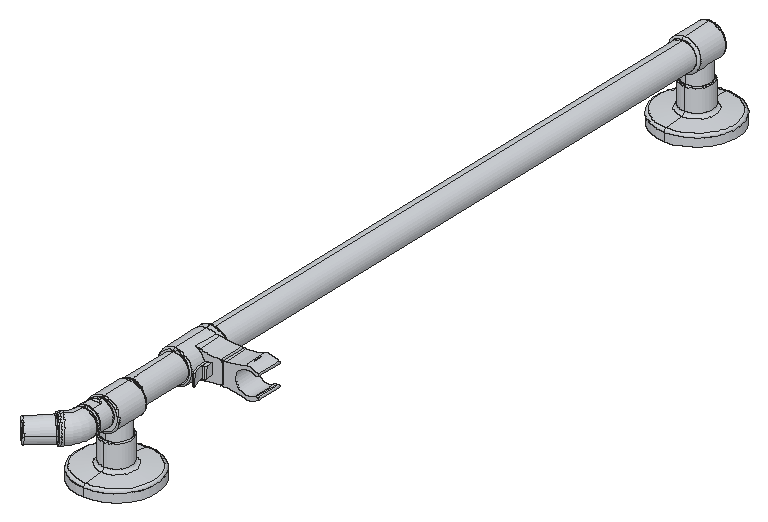
Revit family "Shower-Shower_Column-KOHLER-HydroRail-H-K-45903", category Plumbing Fixtures, host Face, Revit 2017
Family settings
  Host = Face
  Round Connector Dimension = Use Diameter
  Part Type = Normal
  OmniClass Number = 23.31.17.00
  Cut with Voids When Loaded = No
  Shared = No
  Room Calculation Point = No
Parameters (values of type "CP-Polished Chrome")
  Width = 3"  # constant formula
  WaterSense Certified = 1 = 0  # no
  Waste Water Outlet = "Waste Water Outlet"  # constant formula
  Waste Connection = 1 = 0  # no
  Vent Connection = 1 = 0  # no
  URL = "https://www.us.kohler.com/us/"
  Type = 1
  Tempered Water Inlet = "Tempered Water Inlet"  # constant formula
  Product Page URL = "http://www.us.kohler.com/us/catalog/productDetails.jsp?productId=45903"
  Product Name = "HydroRail-H"  # constant formula
  Product Documentation Link = "https://www.us.kohler.com/webassets/kpna/catalog/pdf/en/K-45903_spec_US-CA_Kohler_en.pdf"
  Pressure = 0.00 psi
  Model = if(Type = 1, "K-45903-CP", if(Type = 2, "K-45903-SN", if(Type = 3, "K-45903-BN", if(Type = 4, "K-45903-BV", if(Type = 5, "K-45903-2BZ", if(Type = 6, "K-45903-2MB", "NA"))))))  # "K-45903-CP"
  Material = "Premium Metal Construction"  # constant formula
  Master Format 2014 Name = "Residential Showers"  # constant formula
  Master Format 2014 = "22 42 23"  # constant formula
  Manufacturer Address = "444 Highland Dr, Kohler, WI 53044"  # constant formula
  Manufacturer = "KOHLER Co."  # constant formula
  Length = 3"  # constant formula
  Hot Water Inlet = "Hot Water Inlet"  # constant formula
  Height = 27"  # constant formula
  HW Connection = 1 = 1  # yes
  Flow Rate = 0 GPM
  Finish = Kohler-Metal-CP-Polished_Chrome
  Environmental Product Declaration = ""
  Drain Included = 1 = 0  # no
  Description = "Bath/shower column"  # constant formula
  Default Elevation = 72"
  Declare Label = ""
  Date Modified = "12/15/2020"  # constant formula
  Date Created = "12/15/2020"  # constant formula
  Copyright = "Copyright KOHLER Co."  # constant formula
  Contact Us = "https://www.us.kohler.com/us/static/contact.jsp"
  Cold Water Inlet = "Cold Water Inlet"  # constant formula
  CW Connection = 1 = 0  # no
  Assembly Code = "D2010700"
  ADA Compliant = 1 = 1  # yes
Types (7): name | Type | Model | Finish
  (no name) | 1 | "K-45903-CP" | Kohler-Metal-CP-Polished_Chrome
  CP-Polished Chrome | 1 | "K-45903-CP" | Kohler-Metal-CP-Polished_Chrome
  SN-Vibrant Polished Nickel | 2 | "K-45903-SN" | Kohler-Metal-SN-Vibrant_Polished_Nickel
  BN-Vibrant Brushed Nickel | 3 | "K-45903-BN" | Kohler-Metal-BN-Vibrant_Brushed_Nickel
  BV-Vibrant Brushed Bronze | 4 | "K-45903-BV" | Kohler-Metal-BV-Brushed_Bronze
  2BZ-Oil Rubbed Bronze | 5 | "K-45903-2BZ" | Kohler-Metal-2BZ-Oil_Rubbed_Bronze
  2MB-Vibrant Brushed Moderne Brass | 6 | "K-45903-2MB" | Kohler-Metal-2MB-Vibrant_Brushed_Moderne_Brass
Reference planes (in)
  plane 1 "Center (Front/Back)": y = 0
  plane 2: z = 0
  plane 3 "Center (Left/Right)": x = 0
  plane 4: x = -1.5
  plane 5: x = 1.5
  plane 6: y = 1.5
  plane 7: y = 0.65
  plane 8: y = -0.56982
  plane 9: y = 0.56982
  plane 10: y = -1.5
  plane 11: x = -0.64401
  plane 12: x = 0.56982
  plane 13: x = -0.56982
  plane 14: x = 2.66849
  plane 15: y = -27
  plane 16: y = -26.43018
  plane 17: y = -25.5
  plane 18: y = -28.5
  plane 19: y = -27.56982
  plane 20: y = -30.29472
  plane 21: x = -1.38844
  plane 22: z = 3
  plane 23: z = 2
  plane 24: z = 2.5
  plane 25: z = 0.47833
  plane 26: x = 2.25737
Dimensions and locks (in)
  "Width": plane 4 to plane 5
  "Height": plane 15 to plane 1 "Center (Front/Back)"
  locked: plane 11 to plane 14 at 3.3125
  locked: plane 18 to plane 17 at 3
  "Length": plane 22 to level
  aligned and locked: plane 2 to host face
  aligned and locked: level to host face
  aligned and locked: plane 3 "Center (Left/Right)" to nested 1
  aligned and locked: plane 1 "Center (Front/Back)" to nested 1
Automatic sketch dimensions
  host sketch curve to host sketch curve = 96"  (x2)
Nested families (in)
  nested 1: "K-45903" at (0, 0, 0), type "K-45903"
Connectors (in)
  piping at (0, 0, 0), diameter 0.5, driven by "Flow Rate", driven by "HW Connection", driven by "Tempered Water Inlet"
    settings: on nested 1, index 1, connector inside diameter 24", connector length 0", flow factor 0, pipe flow 0 GPM, pressure drop 0.00 psi, fitting loss kfactor 0, connector angle 0.00°, fixture units 0, engagement length 0", angle of deflection 0.00°, flow configuration 0, flow direction 1, fitting loss method 0, system type 19, joint type 0, gender type 0, connector reference index -1, connector utility 1, adjustable connector no, is connector primary yes, connector description "Tempered Water Inlet"
Definition of nested family "K-45903"
  Parameters (values of type "K-45903")
    Material = none
  Reference planes (in)
    plane 1 "Center (Front/Back)": y = 0
    plane 2: z = 0
    plane 3 "Center (Left/Right)": x = 0
    plane 4: x = -1.5
    plane 5: x = 1.5
    plane 6: y = 1.5
    plane 7: y = -1.5
    plane 8: y = -27
    plane 9: y = -25.5
    plane 10: y = -28.5
    plane 11: x = -0.64401
    plane 12: x = 2.66849
    plane 13: z = 3
    plane 14: y = 0.56982
    plane 15: y = -0.56982
    plane 16: y = -26.43018
    plane 17: y = -27.56982
    plane 18: x = 0.56982
    plane 19: x = -0.56982
    plane 20 "A": z = 2.5
    plane 21: z = 2
    plane 22: y = -30.29472
    plane 23: x = -1.38844
    plane 24: x = 2.25737
  Forms (in)
    Revolve 1, solid, material <- "Material", detail levels medium+fine
      sketch origin (0, 0, 0) x (0, 1, 0) y (0, 0, 1)
        loop
          line (-1.5, 0.30905) -> (-1.5, 0) -> (0, 0) -> (0, 2.25314) -> (-0.48796, 2.25314) -> (-0.48796, 1.465) -> (-0.5429, 1.465)
          arc (-0.5429, 1.465) -> (-0.56194, 1.45712) -> (-0.56982, 1.43808) r 0.02692
          line (-0.56982, 1.43808) -> (-0.56982, 0.60804)
          arc (-0.56982, 0.60804) -> (-0.60447, 0.51995) -> (-0.68983, 0.47905) r 0.12933
          arc (-0.68983, 0.47905) -> (-1.05101, 0.44852) -> (-1.41133, 0.40916) r 14.82415
          arc (-1.41133, 0.40916) -> (-1.47464, 0.37592) -> (-1.5, 0.30905) r 0.10085
        axis (0, 0) -> (0, 2.25314)
      angle from 0 to 360
    Revolve 2, solid, material <- "Material", detail levels medium+fine
      sketch origin (0, -27, 0) x (0, 1, 0) y (0, 0, 1)
        loop
          line (-1.5, 0.30905) -> (-1.5, 0) -> (0, 0) -> (0, 2.25314) -> (-0.48796, 2.25314) -> (-0.48796, 1.465) -> (-0.5429, 1.465)
          arc (-0.5429, 1.465) -> (-0.56194, 1.45712) -> (-0.56982, 1.43808) r 0.02692
          line (-0.56982, 1.43808) -> (-0.56982, 0.60804)
          arc (-0.56982, 0.60804) -> (-0.60447, 0.51995) -> (-0.68983, 0.47905) r 0.12933
          arc (-0.68983, 0.47905) -> (-1.05101, 0.44852) -> (-1.41133, 0.40916) r 14.82415
          arc (-1.41133, 0.40916) -> (-1.47464, 0.37592) -> (-1.5, 0.30905) r 0.10085
        axis (0, 0) -> (0, 2.25314)
      angle from 0 to 360
    Revolve 3, solid, material <- "Material", detail levels medium+fine
      sketch origin (0, 0, 0) x (0, 1, 0) y (0, 0, 1)
        loop
          line (-26.35068, 2.5) -> (0.65, 2.5) -> (0.65, 3.03267)
          arc (0.65, 3.03267) -> (0.62868, 3.08415) -> (0.5772, 3.10547) r 0.0728
          line (0.5772, 3.10547) -> (-0.57334, 3.10547)
          arc (-0.57334, 3.10547) -> (-0.62582, 3.08373) -> (-0.64756, 3.03125) r 0.07422
          line (-0.64756, 3.03125) -> (-0.64756, 3) -> (-26.30818, 3)
          arc (-26.30818, 3) -> (-26.33823, 2.98755) -> (-26.35068, 2.9575) r 0.0425
          line (-26.35068, 2.9575) -> (-26.35068, 2.5)
        axis (-26.35068, 2.5) -> (0.65, 2.5)
      angle from 0 to 360
    Revolve 4, solid, material <- "Material", detail levels medium+fine
      sketch origin (0, 0, 0) x (0, 1, 0) y (0, 0, 1)
        loop
          line (-22.55, 2.5) -> (-22.55, 3.10281)
          arc (-22.55, 3.10281) -> (-22.56295, 3.13407) -> (-22.5942, 3.14702) r 0.0442
          line (-22.5942, 3.14702) -> (-22.79964, 3.14702)
          arc (-22.79964, 3.14702) -> (-23.53674, 3.13989) -> (-24.27358, 3.11853) r 38.14926
          arc (-24.27358, 3.11853) -> (-24.29942, 3.10694) -> (-24.31, 3.08067) r 0.03789
          line (-24.31, 3.08067) -> (-24.31, 2.5) -> (-22.55, 2.5)
        axis (-22.55, 2.5) -> (-24.31, 2.5)
      angle from 0 to 360
    Sweep 5, solid, material <- "Material", detail levels medium+fine
      path origin (0, 0, 0) x (1, 0, 0) y (0, 1, 0)
        loop
          line (0.5, -28.5) -> (0.5, -28.54738)
          arc (0.5, -28.54738) -> (0.39612, -29.06964) -> (0.10028, -29.51239) r 1.36474
          line (0.10028, -29.51239) -> (0.03671, -29.57596)
      profile origin (0.5, -28.52369, 0) x (1, 0, 0) y (0, 0, 1)
        loop
          circle (-0.5, 2.5) r 0.5
    Extrusion 6, void
      sketch origin (0, 0, 0) x (0, 1, 0) y (0, 0, 1)
        loop
          line (-28.357, 2.955) -> (-27.94176, 2.955) -> (-27.84497, 3.05179) -> (-28.357, 3.05179) -> (-28.357, 2.955)
        loop
          line (-28.357, 2.045) -> (-28.357, 1.94821) -> (-27.84497, 1.94821) -> (-27.94176, 2.045) -> (-28.357, 2.045)
      from -0.99894 to 1.289
    Revolve 7, solid, material <- "Material", detail levels medium+fine
      sketch origin (0, 0, 2.5) x (0, 1, 0) y (-1, 0, 0)
        loop
          line (-28.86885, 0.67039) -> (-28.91355, 0.71509)
          arc (-28.91355, 0.71509) -> (-28.93522, 0.72407) -> (-28.95689, 0.71509) r 0.03065
          line (-28.95689, 0.71509) -> (-29.01517, 0.65681)
          arc (-29.01517, 0.65681) -> (-29.03639, 0.65149) -> (-29.0576, 0.65681) r 0.04498
          line (-29.0576, 0.65681) -> (-29.0132, 0.70121)
          arc (-29.0132, 0.70121) -> (-29.00607, 0.71885) -> (-29.01381, 0.73623) r 0.02434
          line (-29.01381, 0.73623) -> (-29.70425, 1.38007)
          arc (-29.70425, 1.38007) -> (-29.72695, 1.38879) -> (-29.74934, 1.37929) r 0.03246
          line (-29.74934, 1.37929) -> (-30.01709, 1.11153) -> (-29.2224, 0.31684) -> (-28.86885, 0.67039)
        axis (-30.01709, 1.11153) -> (-29.2224, 0.31684)
      angle from 0 to 360
    Extrusion 8, solid, material <- "Material", detail levels medium+fine
      sketch origin (0, 0, 0) x (1, 0, 0) y (0, 0, 1)
        loop
          line (1.33315, 2.87764) -> (1.33315, 2.51314) -> (1.33315, 2.10046)
          arc (1.33315, 2.10046) -> (1.34552, 2.08038) -> (1.36767, 2.07228) r 0.03598
          arc (1.36767, 2.07228) -> (1.39856, 2.07158) -> (1.42944, 2.07055) r 2.83775
          arc (1.42944, 2.07055) -> (1.78172, 2.03476) -> (2.1268, 1.95538) r 2.83775
          arc (2.1268, 1.95538) -> (2.40412, 1.94399) -> (2.65356, 2.06571) r 0.56646
          arc (2.65356, 2.06571) -> (2.66593, 2.11233) -> (2.62639, 2.13996) r 0.04209
          line (2.62639, 2.13996) -> (2.5725, 2.13996)
          arc (2.5725, 2.13996) -> (2.53374, 2.1344) -> (2.49811, 2.11817) r 0.13784
          arc (2.49811, 2.11817) -> (1.81128, 2.49035) -> (2.49241, 2.87288) r 0.4461
          arc (2.49241, 2.87288) -> (2.527, 2.85759) -> (2.56445, 2.85236) r 0.13672
          line (2.56445, 2.85236) -> (2.62473, 2.85236)
          arc (2.62473, 2.85236) -> (2.6654, 2.88083) -> (2.6526, 2.92879) r 0.04329
          arc (2.6526, 2.92879) -> (2.40351, 3.04982) -> (2.1268, 3.03831) r 0.56646
          arc (2.1268, 3.03831) -> (1.78172, 2.95893) -> (1.42944, 2.92314) r 2.83775
          arc (1.42944, 2.92314) -> (1.39856, 2.92211) -> (1.36767, 2.92141) r 2.83775
          arc (1.36767, 2.92141) -> (1.34003, 2.90771) -> (1.33315, 2.87764) r 0.03598
        loop
          line (1.32294, 2.87764) -> (1.29219, 2.87764)
          arc (1.29219, 2.87764) -> (1.28568, 2.90872) -> (1.25724, 2.92283) r 0.03636
          arc (1.25724, 2.92283) -> (0.85748, 2.94973) -> (0.46356, 3.02291) r 3.44188
          arc (0.46356, 3.02291) -> (0.31285, 3.05475) -> (0.16033, 3.07638) r 2.2869
          line (0.16033, 3.07638) -> (0.16033, 1.96707)
          arc (0.16033, 1.96707) -> (0.31245, 1.95675) -> (0.46356, 1.97709) r 0.75806
          arc (0.46356, 1.97709) -> (0.8567, 2.04679) -> (1.25532, 2.06967) r 3.38234
          arc (1.25532, 2.06967) -> (1.28466, 2.08369) -> (1.29207, 2.11534) r 0.03757
          line (1.29207, 2.11534) -> (1.32294, 2.11534) -> (1.32294, 2.54263) -> (1.32294, 2.87764)
      from 22.75 to 23.71
    Extrusion 9, solid, material <- "Material", detail levels medium+fine
      sketch origin (0, 0, 0) x (0, 1, 0) y (0, 0, 1)
        loop
          circle (-23.2308, 2.5) r 0.25
      from 1.09633 to 1.5752
    Extrusion 10, solid, material <- "Material", detail levels medium+fine
      sketch origin (0, 0, 0) x (1, 0, 0) y (0, 1, 0)
        loop
          arc (0.92817, -24.55017) -> (0.94122, -24.53645) -> (0.94076, -24.51752) r 0.02477
          arc (0.94076, -24.51752) -> (0.82867, -24.19787) -> (0.7684, -23.86454) r 2.14092
          arc (0.7684, -23.86454) -> (0.75893, -23.72199) -> (0.759, -23.57914) r 2.14092
          line (0.759, -23.57914) -> (0.6784, -23.57914)
          arc (0.6784, -23.57914) -> (0.71829, -24.07662) -> (0.86662, -24.55314) r 2.25498
          arc (0.86662, -24.55314) -> (0.87892, -24.56492) -> (0.89595, -24.56451) r 0.02218
          line (0.89595, -24.56451) -> (0.92817, -24.55017)
        loop
          line (0.95147, -23.96588) -> (0.91012, -23.62912) -> (0.77864, -23.62912)
          arc (0.77864, -23.62912) -> (0.77467, -23.82961) -> (0.80244, -24.02822) r 1.26447
          arc (0.80244, -24.02822) -> (0.81379, -24.04405) -> (0.83308, -24.0468) r 0.0248
          line (0.83308, -24.0468) -> (0.91097, -24.02593)
          arc (0.91097, -24.02593) -> (0.94245, -24.00348) -> (0.95147, -23.96588) r 0.05521
      from 2.28877 to 2.69321
    Revolve 11, solid, material <- "Material", detail levels coarse
      sketch origin (0, 0, 0) x (0, 1, 0) y (0, 0, 1)
        loop
          line (1.5, 0) -> (1.5, 0.47833) -> (0.56982, 0.47833) -> (0.56982, 1.465) -> (0.48796, 1.465) -> (0.48796, 2.5) -> (0, 2.5) -> (0, 0) -> (1.5, 0)
        axis (0, 0) -> (0, 2.5)
      angle from 0 to 360
    Revolve 12, solid, material <- "Material", detail levels coarse
      sketch origin (0, -27, 0) x (0, 1, 0) y (0, 0, 1)
        loop
          line (1.5, 0) -> (1.5, 0.47833) -> (0.56982, 0.47833) -> (0.56982, 1.465) -> (0.48796, 1.465) -> (0.48796, 2.5) -> (0, 2.5) -> (0, 0) -> (1.5, 0)
        axis (0, 0) -> (0, 2.5)
      angle from 0 to 360
    Revolve 13, solid, material <- "Material", detail levels coarse
      sketch origin (0, 0, 0) x (0, 1, 0) y (0, 0, 1)
        loop
          line (0.65, 2.5) -> (0.65, 3.10547) -> (-0.65, 3.10547) -> (-0.65, 3) -> (-26.35068, 3) -> (-26.35068, 3.10547) -> (-27.65, 3.10547) -> (-27.65, 3) -> (-28.357, 3) -> (-28.357, 2.5) -> (0.65, 2.5)
        axis (0.65, 2.5) -> (-28.357, 2.5)
      angle from 0 to 360
    Sweep 14, solid, material <- "Material", detail levels coarse
      path origin (0, 0, 0) x (1, 0, 0) y (0, 1, 0)
        loop
          line (0.5, -28.357) -> (0.5, -28.75337)
          arc (0.5, -28.75337) -> (0.39195, -29.251) -> (0.08727, -29.65902) r 1.2
          line (0.08727, -29.65902) -> (-0.64401, -30.29472)
      profile origin (0.5, -28.55519, 0) x (1, 0, 0) y (0, 0, 1)
        loop
          circle (-0.5, 2.5) r 0.5
    Extrusion 15, solid, material <- "Material", detail levels coarse
      sketch origin (0, 0, 0) x (1, 0, 0) y (0, 0, 1)
        loop
          arc (1.25724, 2.92283) -> (0.85748, 2.94973) -> (0.46356, 3.02291) r 3.44188
          arc (0.46356, 3.02291) -> (0.2301, 3.04544) -> (0, 2.99996) r 0.80783
          line (0, 2.99996) -> (0, 2.18964)
          arc (0, 2.18964) -> (0.19467, 2.00244) -> (0.46356, 1.97709) r 0.40967
          arc (0.46356, 1.97709) -> (0.85748, 2.05027) -> (1.25724, 2.07717) r 3.44188
          arc (1.25724, 2.07717) -> (1.34334, 2.07748) -> (1.42944, 2.07686) r 8.02466
          arc (1.42944, 2.07686) -> (1.78248, 2.04568) -> (2.1268, 1.96169) r 2.34666
          arc (2.1268, 1.96169) -> (2.41484, 1.9488) -> (2.66849, 2.08589) r 0.54025
          line (2.66849, 2.08589) -> (2.66849, 2.13996) -> (2.52913, 2.13996)
          arc (2.52913, 2.13996) -> (1.81129, 2.48968) -> (2.52266, 2.85236) r 0.4461
          line (2.52266, 2.85236) -> (2.66849, 2.85236) -> (2.66849, 2.91411)
          arc (2.66849, 2.91411) -> (2.41484, 3.0512) -> (2.1268, 3.03831) r 0.54025
          arc (2.1268, 3.03831) -> (1.78248, 2.95432) -> (1.42944, 2.92314) r 2.34666
          arc (1.42944, 2.92314) -> (1.34334, 2.92252) -> (1.25724, 2.92283) r 8.02466
      from 23.71 to 22.75
    Extrusion 16, solid, material <- "Material", detail levels coarse
      sketch origin (0, 0, 2.5) x (0, 1, 0) y (-1, 0, 0)
        loop
          line (-23.55808, -0.67816) -> (-24.21, -0.67816) -> (-24.21, -0.92006) -> (-23.55808, -0.92006) -> (-23.55808, -0.67816)
      from -0.26497 to 0.23177
    Extrusion 17, solid, material <- "Material", detail levels medium+fine
      sketch origin (0, 0, 2.5) x (0, 1, 0) y (-1, 0, 0)
        loop
          circle (0, 0) r 0.25
      from -2.5 to -2.34137
    Revolve 18, solid, material <- "Material", detail levels medium+fine
      sketch origin (0, 0, 0) x (0, 1, 0) y (0, 0, 1)
        loop
          line (-26.38978, 3) -> (-27.61094, 3)
          arc (-27.61094, 3) -> (-27.63856, 2.98856) -> (-27.65, 2.96094) r 0.03906
          line (-27.65, 2.96094) -> (-27.65, 2.39453) -> (-26.35068, 2.39453) -> (-26.35068, 2.9609)
          arc (-26.35068, 2.9609) -> (-26.36213, 2.98855) -> (-26.38978, 3) r 0.0391
        axis (-26.35068, 2.39453) -> (-27.65, 2.39453)
      angle from 0 to 360
    Revolve 19, solid, material <- "Material", detail levels medium+fine
      sketch origin (0, 0, 0) x (0, 1, 0) y (0, 0, 1)
        loop
          line (-27.65, 2.5) -> (-27.65, 2.88969)
          arc (-27.65, 2.88969) -> (-27.65931, 2.86721) -> (-27.68178, 2.8579) r 0.03178
          line (-27.68178, 2.8579) -> (-27.74676, 2.8579) -> (-27.74676, 2.96879)
          arc (-27.74676, 2.96879) -> (-27.75591, 2.99086) -> (-27.77797, 3) r 0.03121
          line (-27.77797, 3) -> (-28.357, 3) -> (-28.357, 2.8121) -> (-28.365, 2.85747) -> (-28.365, 2.97036)
          arc (-28.365, 2.97036) -> (-28.37368, 2.99132) -> (-28.39464, 3) r 0.02964
          line (-28.39464, 3) -> (-28.5, 3) -> (-28.5, 2.5) -> (-27.65, 2.5)
        axis (-27.65, 2.5) -> (-28.5, 2.5)
      angle from 0 to 360
  Cuts and joins
    Extrusion 6 cuts Revolve 3
    joined: Revolve 1, Revolve 2, Revolve 3, Revolve 4, Extrusion 8, Extrusion 9, Extrusion 10, Revolve 18
    joined: Sweep 5, Revolve 7
    joined: Revolve 11, Revolve 12, Revolve 13, Extrusion 15, Extrusion 16
    Extrusion 6 cuts Revolve 19
  Lines and regions (in)
    Masking region 1
      outline origin (0, 0, 2.5) x (0, 1, 0) y (-1, 0, 0)
        loop
          arc (0, 1.5) -> (-0.86603, 1.22474) -> (-1.41422, 0.49998) r 1.5
          line (-1.41422, 0.49998) -> (-22.55, 0.49998) -> (-22.55, 0.60232)
          arc (-22.55, 0.60232) -> (-22.56221, 0.6318) -> (-22.59169, 0.64401) r 0.04169
          line (-22.59169, 0.64401) -> (-22.73954, 0.64401)
          arc (-22.73954, 0.64401) -> (-23.50783, 0.63765) -> (-24.27591, 0.61858) r 46.42726
          arc (-24.27591, 0.61858) -> (-24.30008, 0.60786) -> (-24.31, 0.58334) r 0.03526
          line (-24.31, 0.58334) -> (-24.31, 0.49989) -> (-25.58575, 0.49989)
          arc (-25.58575, 0.49989) -> (-26.13393, 1.22471) -> (-27, 1.5) r 1.5
          arc (-27, 1.5) -> (-27.86607, 1.22471) -> (-28.41425, 0.49989) r 1.5
          line (-28.41425, 0.49989) -> (-28.54423, 0.49989)
          arc (-28.54423, 0.49989) -> (-28.68624, 0.52814) -> (-28.80664, 0.60859) r 0.37111
          line (-28.80664, 0.60859) -> (-28.91226, 0.71421)
          arc (-28.91226, 0.71421) -> (-28.93502, 0.72364) -> (-28.95778, 0.71421) r 0.03218
          line (-28.95778, 0.71421) -> (-29.01608, 0.6559)
          arc (-29.01608, 0.6559) -> (-29.03694, 0.65228) -> (-29.05761, 0.6568) r 0.05499
          line (-29.05761, 0.6568) -> (-29.01349, 0.70093)
          arc (-29.01349, 0.70093) -> (-29.00627, 0.71879) -> (-29.0141, 0.73639) r 0.02465
          line (-29.0141, 0.73639) -> (-29.70376, 1.3795)
          arc (-29.70376, 1.3795) -> (-29.72703, 1.38844) -> (-29.74999, 1.37869) r 0.03328
          line (-29.74999, 1.37869) -> (-30.28514, 0.84354)
          arc (-30.28514, 0.84354) -> (-30.29489, 0.82058) -> (-30.28595, 0.79731) r 0.03328
          line (-30.28595, 0.79731) -> (-29.64284, 0.10766)
          arc (-29.64284, 0.10766) -> (-29.62524, 0.09982) -> (-29.60738, 0.10704) r 0.02465
          line (-29.60738, 0.10704) -> (-29.56325, 0.15116)
          arc (-29.56325, 0.15116) -> (-29.55873, 0.13049) -> (-29.56235, 0.10963) r 0.05499
          line (-29.56235, 0.10963) -> (-29.62066, 0.05133)
          arc (-29.62066, 0.05133) -> (-29.63008, 0.02857) -> (-29.62066, 0.00581) r 0.03218
          arc (-29.62066, 0.00581) -> (-29.48137, -0.1461) -> (-29.31828, -0.27211) r 1.20741
          arc (-29.31828, -0.27211) -> (-28.94766, -0.44176) -> (-28.54423, -0.49989) r 1.42911
          line (-28.54423, -0.49989) -> (-28.41425, -0.49989)
          arc (-28.41425, -0.49989) -> (-27.86607, -1.22471) -> (-27, -1.5) r 1.5
          arc (-27, -1.5) -> (-26.13393, -1.22471) -> (-25.58575, -0.49989) r 1.5
          line (-25.58575, -0.49989) -> (-24.31, -0.49989) -> (-24.31, -0.58334)
          arc (-24.31, -0.58334) -> (-24.30008, -0.60786) -> (-24.27591, -0.61858) r 0.03526
          arc (-24.27591, -0.61858) -> (-23.99298, -0.62709) -> (-23.71, -0.63387) r 46.42726
          line (-23.71, -0.63387) -> (-23.71, -0.67816)
          arc (-23.71, -0.67816) -> (-24.14068, -0.73163) -> (-24.55314, -0.86662) r 2.25498
          arc (-24.55314, -0.86662) -> (-24.56492, -0.87892) -> (-24.56451, -0.89595) r 0.02218
          line (-24.56451, -0.89595) -> (-24.55017, -0.92817)
          arc (-24.55017, -0.92817) -> (-24.53645, -0.94122) -> (-24.51752, -0.94076) r 0.02477
          arc (-24.51752, -0.94076) -> (-24.19787, -0.82867) -> (-23.86454, -0.7684) r 2.14092
          arc (-23.86454, -0.7684) -> (-23.78736, -0.76209) -> (-23.71, -0.75857) r 2.14092
          arc (-23.71, -0.75857) -> (-23.76127, -0.76876) -> (-23.81331, -0.7738) r 0.52459
          arc (-23.81331, -0.7738) -> (-23.92138, -0.78351) -> (-24.02822, -0.80244) r 1.26447
          arc (-24.02822, -0.80244) -> (-24.04405, -0.81379) -> (-24.0468, -0.83308) r 0.0248
          line (-24.0468, -0.83308) -> (-24.02593, -0.91097)
          arc (-24.02593, -0.91097) -> (-24.00348, -0.94245) -> (-23.96588, -0.95147) r 0.05521
          line (-23.96588, -0.95147) -> (-23.71, -0.92006) -> (-23.71, -1.32294) -> (-23.50937, -1.32294) -> (-23.47917, -1.33218) -> (-23.71, -1.33218) -> (-23.71, -2.66849) -> (-22.75, -2.66849) -> (-22.75, -1.33218) -> (-22.98083, -1.33218) -> (-22.95063, -1.32294) -> (-22.75, -1.32294) -> (-22.75, -0.64401) -> (-22.59169, -0.64401)
          arc (-22.59169, -0.64401) -> (-22.56221, -0.6318) -> (-22.55, -0.60232) r 0.04169
          line (-22.55, -0.60232) -> (-22.55, -0.49998) -> (-1.41422, -0.49998)
          arc (-1.41422, -0.49998) -> (-0.86603, -1.22474) -> (0, -1.5) r 1.5
          arc (0, -1.5) -> (1.06066, -1.06066) -> (1.5, 0) r 1.5
          arc (1.5, 0) -> (1.06066, 1.06066) -> (0, 1.5) r 1.5
    Masking region 2
      outline origin (0, 0, 0) x (1, 0, 0) y (0, 0, 1)
        loop
          line (1.5, 0) -> (1.5, 0.31237)
          arc (1.5, 0.31237) -> (1.47479, 0.37804) -> (1.41212, 0.40998) r 0.09814
          line (1.41212, 0.40998) -> (1.00862, 0.45239)
          arc (1.00862, 0.45239) -> (0.85098, 0.46726) -> (0.69306, 0.47879) r 7.459
          arc (0.69306, 0.47879) -> (0.60547, 0.51997) -> (0.56982, 0.60995) r 0.13141
          line (0.56982, 0.60995) -> (0.56982, 1.43914)
          arc (0.56982, 1.43914) -> (0.56225, 1.45743) -> (0.54397, 1.465) r 0.02586
          line (0.54397, 1.465) -> (0.48793, 1.465) -> (0.48793, 1.98282)
          arc (0.48793, 1.98282) -> (0.86914, 2.04822) -> (1.25532, 2.06967) r 3.38234
          arc (1.25532, 2.06967) -> (1.28466, 2.08369) -> (1.29207, 2.11534) r 0.03757
          line (1.29207, 2.11534) -> (1.32294, 2.11534) -> (1.32294, 2.22003) -> (1.33315, 2.24969) -> (1.33315, 2.10046)
          arc (1.33315, 2.10046) -> (1.34552, 2.08038) -> (1.36767, 2.07228) r 0.03598
          arc (1.36767, 2.07228) -> (1.39856, 2.07158) -> (1.42944, 2.07055) r 2.83775
          arc (1.42944, 2.07055) -> (1.78172, 2.03476) -> (2.1268, 1.95538) r 2.83775
          arc (2.1268, 1.95538) -> (2.40412, 1.94399) -> (2.65356, 2.06571) r 0.56646
          arc (2.65356, 2.06571) -> (2.66593, 2.11233) -> (2.62639, 2.13996) r 0.04209
          line (2.62639, 2.13996) -> (2.5725, 2.13996)
          arc (2.5725, 2.13996) -> (2.53374, 2.1344) -> (2.49811, 2.11817) r 0.13784
          arc (2.49811, 2.11817) -> (1.81128, 2.49035) -> (2.49241, 2.87288) r 0.4461
          arc (2.49241, 2.87288) -> (2.527, 2.85759) -> (2.56445, 2.85236) r 0.13672
          line (2.56445, 2.85236) -> (2.62473, 2.85236)
          arc (2.62473, 2.85236) -> (2.6654, 2.88083) -> (2.6526, 2.92879) r 0.04329
          arc (2.6526, 2.92879) -> (2.40351, 3.04982) -> (2.1268, 3.03831) r 0.56646
          arc (2.1268, 3.03831) -> (1.78172, 2.95893) -> (1.42944, 2.92314) r 2.83775
          arc (1.42944, 2.92314) -> (1.39856, 2.92211) -> (1.36767, 2.92141) r 2.83775
          arc (1.36767, 2.92141) -> (1.34552, 2.91331) -> (1.33315, 2.89323) r 0.03598
          line (1.33315, 2.89323) -> (1.33315, 2.75031) -> (1.32294, 2.77997) -> (1.32294, 2.87764) -> (1.29219, 2.87764)
          arc (1.29219, 2.87764) -> (1.28568, 2.90872) -> (1.25724, 2.92283) r 0.03636
          arc (1.25724, 2.92283) -> (0.85748, 2.94973) -> (0.46356, 3.02291) r 3.44188
          arc (0.46356, 3.02291) -> (0.40098, 3.03742) -> (0.33802, 3.05017) r 2.2869
          arc (0.33802, 3.05017) -> (0.17592, 3.12291) -> (0, 3.14781) r 0.6339
          arc (0, 3.14781) -> (-0.17592, 3.12291) -> (-0.33802, 3.05017) r 0.6339
          arc (-0.33802, 3.05017) -> (-0.37851, 3.02326) -> (-0.41766, 2.99442) r 1.0074
          arc (-0.41766, 2.99442) -> (-0.47874, 2.97257) -> (-0.534, 2.93861) r 0.31313
          line (-0.534, 2.93861) -> (-1.12671, 2.90785)
          arc (-1.12671, 2.90785) -> (-1.23353, 2.86241) -> (-1.31237, 2.7772) r 0.27716
          arc (-1.31237, 2.7772) -> (-1.36907, 2.64373) -> (-1.38844, 2.5) r 0.54311
          arc (-1.38844, 2.5) -> (-1.36907, 2.35627) -> (-1.31237, 2.2228) r 0.54311
          arc (-1.31237, 2.2228) -> (-1.23353, 2.13759) -> (-1.12671, 2.09215) r 0.27716
          line (-1.12671, 2.09215) -> (-0.534, 2.06139)
          arc (-0.534, 2.06139) -> (-0.5116, 2.0457) -> (-0.48793, 2.03202) r 0.31313
          line (-0.48793, 2.03202) -> (-0.48793, 1.465) -> (-0.54397, 1.465)
          arc (-0.54397, 1.465) -> (-0.56225, 1.45743) -> (-0.56982, 1.43914) r 0.02586
          line (-0.56982, 1.43914) -> (-0.56982, 0.60995)
          arc (-0.56982, 0.60995) -> (-0.60547, 0.51997) -> (-0.69306, 0.47879) r 0.13141
          arc (-0.69306, 0.47879) -> (-0.85098, 0.46726) -> (-1.00862, 0.45239) r 7.459
          line (-1.00862, 0.45239) -> (-1.41212, 0.40998)
          arc (-1.41212, 0.40998) -> (-1.47479, 0.37804) -> (-1.5, 0.31237) r 0.09814
          line (-1.5, 0.31237) -> (-1.5, 0) -> (1.5, 0)
    Masking region 3
      outline origin (0, 0, 0) x (0, 1, 0) y (0, 0, 1)
        loop
          line (1.5, 0) -> (1.5, 0.30992)
          arc (1.5, 0.30992) -> (1.47427, 0.37711) -> (1.41024, 0.40994) r 0.10061
          line (1.41024, 0.40994) -> (1.15427, 0.43771)
          arc (1.15427, 0.43771) -> (0.92062, 0.46052) -> (0.68654, 0.47833) r 10.95542
          arc (0.68654, 0.47833) -> (0.60356, 0.51755) -> (0.56982, 0.60291) r 0.12485
          line (0.56982, 0.60291) -> (0.56982, 1.43951)
          arc (0.56982, 1.43951) -> (0.56236, 1.45753) -> (0.54433, 1.465) r 0.02549
          line (0.54433, 1.465) -> (0.48796, 1.465) -> (0.48796, 1.89453) -> (0.57692, 1.89453)
          arc (0.57692, 1.89453) -> (0.62859, 1.91594) -> (0.65, 1.96762) r 0.07308
          line (0.65, 1.96762) -> (0.65, 2.5) -> (0.65, 3.03238)
          arc (0.65, 3.03238) -> (0.62859, 3.08406) -> (0.57692, 3.10547) r 0.07308
          line (0.57692, 3.10547) -> (0, 3.10547) -> (-0.57692, 3.10547)
          arc (-0.57692, 3.10547) -> (-0.62859, 3.08406) -> (-0.65, 3.03238) r 0.07308
          line (-0.65, 3.03238) -> (-0.65, 3) -> (-22.55, 3) -> (-22.55, 3.10388)
          arc (-22.55, 3.10388) -> (-22.56249, 3.13402) -> (-22.59263, 3.1465) r 0.04263
          line (-22.59263, 3.1465) -> (-22.79065, 3.1465)
          arc (-22.79065, 3.1465) -> (-23.5324, 3.1397) -> (-24.27391, 3.11927) r 40.41058
          arc (-24.27391, 3.11927) -> (-24.29951, 3.10783) -> (-24.31, 3.08183) r 0.03747
          line (-24.31, 3.08183) -> (-24.31, 3) -> (-26.27827, 3)
          arc (-26.27827, 3) -> (-26.32631, 2.98199) -> (-26.35068, 2.93684) r 0.07308
          arc (-26.35068, 2.93684) -> (-26.37504, 2.98199) -> (-26.42308, 3) r 0.07308
          line (-26.42308, 3) -> (-27, 3) -> (-27.57692, 3)
          arc (-27.57692, 3) -> (-27.62859, 2.97859) -> (-27.65, 2.92692) r 0.07308
          line (-27.65, 2.92692) -> (-27.65, 2.88969)
          arc (-27.65, 2.88969) -> (-27.65931, 2.86721) -> (-27.68178, 2.8579) r 0.03178
          line (-27.68178, 2.8579) -> (-27.74676, 2.8579) -> (-27.74676, 2.97003)
          arc (-27.74676, 2.97003) -> (-27.75554, 2.99122) -> (-27.77673, 3) r 0.02997
          line (-27.77673, 3) -> (-27.89676, 3) -> (-27.94176, 2.955) -> (-28.357, 2.955) -> (-28.357, 2.8121) -> (-28.365, 2.85747) -> (-28.365, 2.96989)
          arc (-28.365, 2.96989) -> (-28.37382, 2.99118) -> (-28.39511, 3) r 0.03011
          line (-28.39511, 3) -> (-29.27591, 3)
          arc (-29.27591, 3) -> (-29.36288, 2.98331) -> (-29.43921, 2.93841) r 0.26015
          line (-29.43921, 2.93841) -> (-29.96929, 2.91063)
          arc (-29.96929, 2.91063) -> (-30.05343, 2.89633) -> (-30.13202, 2.86307) r 0.36866
          arc (-30.13202, 2.86307) -> (-30.16763, 2.83849) -> (-30.19841, 2.80809) r 0.24715
          arc (-30.19841, 2.80809) -> (-30.27008, 2.6614) -> (-30.29472, 2.5) r 0.54093
          arc (-30.29472, 2.5) -> (-30.27008, 2.3386) -> (-30.19841, 2.19191) r 0.54093
          arc (-30.19841, 2.19191) -> (-30.16763, 2.16151) -> (-30.13202, 2.13693) r 0.24715
          arc (-30.13202, 2.13693) -> (-30.05343, 2.10367) -> (-29.96929, 2.08937) r 0.36866
          line (-29.96929, 2.08937) -> (-29.43921, 2.06159)
          arc (-29.43921, 2.06159) -> (-29.36288, 2.01669) -> (-29.27591, 2) r 0.26015
          line (-29.27591, 2) -> (-28.39511, 2)
          arc (-28.39511, 2) -> (-28.37382, 2.00882) -> (-28.365, 2.03011) r 0.03011
          line (-28.365, 2.03011) -> (-28.365, 2.14253) -> (-28.357, 2.1879) -> (-28.357, 2.045) -> (-27.94176, 2.045) -> (-27.89676, 2) -> (-27.77673, 2)
          arc (-27.77673, 2) -> (-27.75554, 2.00878) -> (-27.74676, 2.02997) r 0.02997
          line (-27.74676, 2.02997) -> (-27.74676, 2.1421) -> (-27.68178, 2.1421)
          arc (-27.68178, 2.1421) -> (-27.65931, 2.13279) -> (-27.65, 2.11031) r 0.03178
          line (-27.65, 2.11031) -> (-27.65, 1.86215)
          arc (-27.65, 1.86215) -> (-27.62859, 1.81047) -> (-27.57692, 1.78906) r 0.07308
          line (-27.57692, 1.78906) -> (-27.48796, 1.78906) -> (-27.48796, 1.465) -> (-27.54433, 1.465)
          arc (-27.54433, 1.465) -> (-27.56236, 1.45753) -> (-27.56982, 1.43951) r 0.02549
          line (-27.56982, 1.43951) -> (-27.56982, 0.60291)
          arc (-27.56982, 0.60291) -> (-27.60356, 0.51755) -> (-27.68654, 0.47833) r 0.12485
          arc (-27.68654, 0.47833) -> (-27.92062, 0.46052) -> (-28.15427, 0.43771) r 10.95542
          line (-28.15427, 0.43771) -> (-28.41024, 0.40994)
          arc (-28.41024, 0.40994) -> (-28.47427, 0.37711) -> (-28.5, 0.30992) r 0.10061
          line (-28.5, 0.30992) -> (-28.5, 0) -> (-25.5, 0) -> (-25.5, 0.30992)
          arc (-25.5, 0.30992) -> (-25.52573, 0.37711) -> (-25.58976, 0.40994) r 0.10061
          line (-25.58976, 0.40994) -> (-25.84573, 0.43771)
          arc (-25.84573, 0.43771) -> (-26.07938, 0.46052) -> (-26.31346, 0.47833) r 10.95542
          arc (-26.31346, 0.47833) -> (-26.39644, 0.51755) -> (-26.43018, 0.60291) r 0.12485
          line (-26.43018, 0.60291) -> (-26.43018, 1.43951)
          arc (-26.43018, 1.43951) -> (-26.43764, 1.45753) -> (-26.45567, 1.465) r 0.02549
          line (-26.45567, 1.465) -> (-26.51204, 1.465) -> (-26.51204, 1.78906) -> (-26.42308, 1.78906)
          arc (-26.42308, 1.78906) -> (-26.37141, 1.81047) -> (-26.35, 1.86215) r 0.07308
          line (-26.35, 1.86215) -> (-26.35, 2) -> (-24.31, 2) -> (-24.31, 1.91817)
          arc (-24.31, 1.91817) -> (-24.29951, 1.89217) -> (-24.27391, 1.88073) r 0.03747
          arc (-24.27391, 1.88073) -> (-23.5324, 1.8603) -> (-22.79065, 1.8535) r 40.41058
          line (-22.79065, 1.8535) -> (-22.59263, 1.8535)
          arc (-22.59263, 1.8535) -> (-22.56249, 1.86598) -> (-22.55, 1.89612) r 0.04263
          line (-22.55, 1.89612) -> (-22.55, 2) -> (-0.65, 2) -> (-0.65, 1.96762)
          arc (-0.65, 1.96762) -> (-0.62859, 1.91594) -> (-0.57692, 1.89453) r 0.07308
          line (-0.57692, 1.89453) -> (-0.48796, 1.89453) -> (-0.48796, 1.465) -> (-0.54433, 1.465)
          arc (-0.54433, 1.465) -> (-0.56236, 1.45753) -> (-0.56982, 1.43951) r 0.02549
          line (-0.56982, 1.43951) -> (-0.56982, 0.60291)
          arc (-0.56982, 0.60291) -> (-0.60356, 0.51755) -> (-0.68654, 0.47833) r 0.12485
          arc (-0.68654, 0.47833) -> (-0.92062, 0.46052) -> (-1.15427, 0.43771) r 10.95542
          line (-1.15427, 0.43771) -> (-1.41024, 0.40994)
          arc (-1.41024, 0.40994) -> (-1.47427, 0.37711) -> (-1.5, 0.30992) r 0.10061
          line (-1.5, 0.30992) -> (-1.5, 0) -> (1.5, 0)
    symbolic lines, detail levels medium+fine
      curve 1: line (-0.6568, -29.05761, 2.5) -> (-0.15204, -29.56238, 2.5)
      curve 2: line (-0.6559, -29.01608, 2.5) -> (-0.10963, -29.56235, 2.5)
      curve 3: line (-0.49989, -25.58575, 2.5) -> (-0.49989, -26.35068, 2.5)
      curve 4: line (0, -26.35068, 2.5) -> (-0.53508, -26.35068, 2.5)
      curve 5: line (-0.60498, -27, 2.5) -> (-0.60498, -26.42057, 2.5)
      curve 6: arc (-0.60498, -26.42057, 2.5) -> (-0.5845, -26.37115, 2.5) -> (-0.53508, -26.35068, 2.5) r 0.06989
      curve 7: line (0, -27.64932, 2.5) -> (-0.53508, -27.64932, 2.5)
      curve 8: line (-0.60498, -27, 2.5) -> (-0.60498, -27.57943, 2.5)
      curve 9: arc (-0.60498, -27.57943, 2.5) -> (-0.5845, -27.62885, 2.5) -> (-0.53508, -27.64932, 2.5) r 0.06989
      curve 10: line (0, -27.74676, 2.5) -> (-0.47012, -27.74676, 2.5)
      curve 11: line (-0.35729, -27.74676, 2.5) -> (-0.35729, -27.68516, 2.5)
      curve 12: arc (-0.35729, -27.68516, 2.5) -> (-0.36522, -27.66233, 2.5) -> (-0.38559, -27.64932, 2.5) r 0.03685
      curve 13: line (-0.5, -28.357, 2.5) -> (0, -28.357, 2.5)
      curve 14: line (-0.5, -28.357, 2.5) -> (-0.5, -27.77664, 2.5)
      curve 15: arc (-0.5, -27.77664, 2.5) -> (-0.49125, -27.75551, 2.5) -> (-0.47012, -27.74676, 2.5) r 0.02988
      curve 16: line (-0.2073, -28.357, 2.5) -> (-0.2073, -27.94181, 2.5)
      curve 17: spline (-0.2073, -27.94181, 2.5) -> (-0.1918, -27.9349, 2.5) -> (-0.17585, -27.92852, 2.5) -> (-0.15949, -27.9227, 2.5) -> (-0.14274, -27.91743, 2.5) -> (-0.12566, -27.91274, 2.5) -> (-0.10828, -27.90863, 2.5) -> (-0.09064, -27.90512, 2.5) -> (-0.07278, -27.90221, 2.5) -> (-0.05475, -27.89991, 2.5) -> (-0.03658, -27.89823, 2.5) -> (-0.01831, -27.89717, 2.5) -> (0, -27.89672, 2.5)
      curve 18: line (-0.2073, -27.94176, 2.5) -> (0.2073, -27.94176, 2.5)
      curve 19: line (-0.47419, -28.365, 2.5) -> (0, -28.365, 2.5)
      curve 20: line (-0.35138, -28.365, 2.5) -> (-0.31022, -28.357, 2.5)
      curve 21: line (-0.49989, -28.41425, 2.5) -> (-0.49989, -28.3907, 2.5)
      curve 22: arc (-0.49989, -28.3907, 2.5) -> (-0.49236, -28.37253, 2.5) -> (-0.47419, -28.365, 2.5) r 0.0257
      curve 23: line (0.49989, -25.58575, 2.5) -> (0.49989, -26.35068, 2.5)
      curve 24: line (0, -26.35068, 2.5) -> (0.53508, -26.35068, 2.5)
      curve 25: line (0.60498, -27, 2.5) -> (0.60498, -26.42057, 2.5)
      curve 26: arc (0.60498, -26.42057, 2.5) -> (0.5845, -26.37115, 2.5) -> (0.53508, -26.35068, 2.5) r 0.06989
      curve 27: line (0, -27.64932, 2.5) -> (0.53508, -27.64932, 2.5)
      curve 28: line (0.60498, -27, 2.5) -> (0.60498, -27.57943, 2.5)
      curve 29: arc (0.60498, -27.57943, 2.5) -> (0.5845, -27.62885, 2.5) -> (0.53508, -27.64932, 2.5) r 0.06989
      curve 30: line (0, -27.74676, 2.5) -> (0.47012, -27.74676, 2.5)
      curve 31: line (0.35729, -27.74676, 2.5) -> (0.35729, -27.68516, 2.5)
      curve 32: arc (0.35729, -27.68516, 2.5) -> (0.36522, -27.66233, 2.5) -> (0.38559, -27.64932, 2.5) r 0.03685
      curve 33: line (0.5, -28.357, 2.5) -> (0, -28.357, 2.5)
      curve 34: line (0.5, -28.357, 2.5) -> (0.5, -27.77664, 2.5)
      curve 35: arc (0.5, -27.77664, 2.5) -> (0.49125, -27.75551, 2.5) -> (0.47012, -27.74676, 2.5) r 0.02988
      curve 36: line (0.2073, -28.357, 2.5) -> (0.2073, -27.94181, 2.5)
      curve 37: spline (0.2073, -27.94181, 2.5) -> (0.1918, -27.9349, 2.5) -> (0.17585, -27.92852, 2.5) -> (0.15949, -27.9227, 2.5) -> (0.14274, -27.91743, 2.5) -> (0.12566, -27.91274, 2.5) -> (0.10828, -27.90863, 2.5) -> (0.09064, -27.90512, 2.5) -> (0.07278, -27.90221, 2.5) -> (0.05475, -27.89991, 2.5) -> (0.03658, -27.89823, 2.5) -> (0.01831, -27.89717, 2.5) -> (0, -27.89672, 2.5)
      curve 38: line (0.47419, -28.365, 2.5) -> (0, -28.365, 2.5)
      curve 39: line (0.35138, -28.365, 2.5) -> (0.31022, -28.357, 2.5)
      curve 40: arc (0.49989, -28.3907, 2.5) -> (0.49236, -28.37253, 2.5) -> (0.47419, -28.365, 2.5) r 0.0257
      curve 41: line (0.49989, -28.41425, 2.5) -> (0.49989, -28.3907, 2.5)
      curve 42: line (-0.5, -24.31, 2.5) -> (0.5, -24.31, 2.5)
      curve 43: line (-0.49998, -22.55, 2.5) -> (0.5, -22.55, 2.5)
      curve 44: line (0.67816, -23.71, 2.5) -> (0.92006, -23.71, 2.5)
      curve 45: line (1.33218, -22.98083, 2.5) -> (1.33218, -23.47917, 2.5)
      curve 46: line (1.32294, -23.50937, 2.5) -> (1.32294, -22.95063, 2.5)
      curve 47: line (-0.49998, -1.41422, 2.5) -> (-0.49998, -0.64756, 2.5)
      curve 48: line (0, -0.64756, 2.5) -> (-0.49998, -0.64756, 2.5)
      curve 49: line (-0.60603, -0.56982, 2.5) -> (-0.60603, 0.57778, 2.5)
      curve 50: line (-0.5338, 0.65, 2.5) -> (0, 0.65, 2.5)
      curve 51: arc (-0.60603, 0.57778, 2.5) -> (-0.58487, 0.62885, 2.5) -> (-0.5338, 0.65, 2.5) r 0.07222
      curve 52: arc (-0.49998, -0.64756, 2.5) -> (-0.5727, -0.63557, 2.5) -> (-0.60603, -0.56982, 2.5) r 0.08152
      curve 53: line (0.49998, -1.41422, 2.5) -> (0.49998, -0.64756, 2.5)
      curve 54: line (0, -0.64756, 2.5) -> (0.49998, -0.64756, 2.5)
      curve 55: line (0.60603, -0.56982, 2.5) -> (0.60603, 0.57778, 2.5)
      curve 56: line (0.5338, 0.65, 2.5) -> (0, 0.65, 2.5)
      curve 57: arc (0.60603, 0.57778, 2.5) -> (0.58487, 0.62885, 2.5) -> (0.5338, 0.65, 2.5) r 0.07222
      curve 58: arc (0.49998, -0.64756, 2.5) -> (0.5727, -0.63557, 2.5) -> (0.60603, -0.56982, 2.5) r 0.08152
      curve 59: line (0.69306, 0, 0.47879) -> (-0.69306, 0, 0.47879)
      curve 60: line (1.5, 0, 0.31237) -> (-1.5, 0, 0.31237)
      curve 61: line (0.48793, 0, 1.465) -> (-0.48793, 0, 1.465)
      curve 62: line (1.33315, 0, 2.75031) -> (1.33315, 0, 2.24969)
      curve 63: line (1.32294, 0, 2.22003) -> (1.32294, 0, 2.77997)
      curve 64: circle (0, 0, 2.5) r 0.60547 normal (0, -1, 0)
      curve 65: arc (-0.30102, 0, 3.07272) -> (-0.63595, 0, 2.61914) -> (-0.48793, 0, 2.07508) r 0.64702
      curve 66: arc (0.48793, 0, 2.07508) -> (0.63062, 0, 2.64472) -> (0.25384, 0, 3.09514) r 0.64702
      curve 67: line (0.48793, 0, 1.98282) -> (0.48793, 0, 2.1415)
      curve 68: line (-0.48793, 0, 2.03202) -> (-0.48793, 0, 2.1415)
      curve 69: arc (-0.534, 0, 2.93861) -> (-0.6751, 0, 2.73918) -> (-0.72489, 0, 2.5) r 0.59933
      curve 70: arc (-0.534, 0, 2.06139) -> (-0.6751, 0, 2.26082) -> (-0.72489, 0, 2.5) r 0.59933
      curve 71: line (0, -1.5, 0.30992) -> (0, 1.5, 0.30992)
      curve 72: line (0, -0.68654, 0.47833) -> (0, 0.68654, 0.47833)
      curve 73: line (0, -0.48796, 1.465) -> (0, 0.48796, 1.465)
      curve 74: arc (0, -0.48796, 1.465) -> (0, -0.25287, 1.5641) -> (0, 0, 1.59793) r 0.96209
      curve 75: arc (0, 0.48796, 1.465) -> (0, 0.25287, 1.5641) -> (0, 0, 1.59793) r 0.96209
      curve 76: line (0, -0.65, 2) -> (0, -0.65, 3)
      curve 77: line (0, -24.31, 3) -> (0, -24.31, 2.25)
      curve 78: line (0, -24.31, 2) -> (0, -24.31, 2.28877)
      curve 79: line (0, -22.55, 2) -> (0, -22.55, 3)
      curve 80: line (0, -28.5, 0.30992) -> (0, -25.5, 0.30992)
      curve 81: line (0, -27.68654, 0.47833) -> (0, -26.31346, 0.47833)
      curve 82: line (0, -27.48796, 1.465) -> (0, -26.51204, 1.465)
      curve 83: line (0, -26.35068, 2.93684) -> (0, -26.35068, 2)
      curve 84: line (0, -27.65, 2.88969) -> (0, -27.65, 2.11031)
      curve 85: line (0, -27.74676, 2.8579) -> (0, -27.74676, 2.1421)
      curve 86: line (0, -28.357, 2.8121) -> (0, -28.357, 2.1879)
      curve 87: line (0, -28.365, 2.85747) -> (0, -28.365, 2.14849)
      curve 88: arc (0, -29.06046, 2.7362) -> (0, -29.02304, 2.62072) -> (0, -29.01039, 2.5) r 0.58214
      curve 89: arc (0, -29.19445, 2.90099) -> (0, -29.11648, 2.82752) -> (0, -29.06046, 2.7362) r 0.40564
      curve 90: arc (0, -29.27864, 2.93841) -> (0, -29.23462, 2.92403) -> (0, -29.19445, 2.90099) r 0.22632
      curve 91: arc (0, -29.02102, 2.82889) -> (0, -28.95799, 2.66978) -> (0, -28.93652, 2.5) r 0.68229
      curve 92: arc (0, -29.15474, 2.95691) -> (0, -29.07807, 2.90315) -> (0, -29.02102, 2.82889) r 0.30904
      curve 93: arc (0, -29.2862, 3) -> (0, -29.21893, 2.98315) -> (0, -29.15474, 2.95691) r 0.48633
      curve 94: arc (0, -29.81249, 2.7921) -> (0, -29.75218, 2.65155) -> (0, -29.73157, 2.5) r 0.56768
      curve 95: arc (0, -29.97805, 2.91219) -> (0, -29.88301, 2.86905) -> (0, -29.81249, 2.7921) r 0.26089
      curve 96: line (0, -29.43921, 2.93841) -> (0, -29.27864, 2.93841)
      curve 97: arc (0, -29.06046, 2.2638) -> (0, -29.02304, 2.37928) -> (0, -29.01039, 2.5) r 0.58214
      curve 98: arc (0, -29.19445, 2.09901) -> (0, -29.11648, 2.17248) -> (0, -29.06046, 2.2638) r 0.40564
      curve 99: arc (0, -29.27864, 2.06159) -> (0, -29.23462, 2.07597) -> (0, -29.19445, 2.09901) r 0.22632
      curve 100: arc (0, -29.02102, 2.17111) -> (0, -28.95799, 2.33022) -> (0, -28.93652, 2.5) r 0.68229
      curve 101: arc (0, -29.15474, 2.04309) -> (0, -29.07807, 2.09685) -> (0, -29.02102, 2.17111) r 0.30904
      curve 102: arc (0, -29.2862, 2) -> (0, -29.21893, 2.01685) -> (0, -29.15474, 2.04309) r 0.48633
      curve 103: arc (0, -29.81249, 2.2079) -> (0, -29.75218, 2.34845) -> (0, -29.73157, 2.5) r 0.56768
      curve 104: arc (0, -29.97805, 2.08781) -> (0, -29.88301, 2.13095) -> (0, -29.81249, 2.2079) r 0.26089
      curve 105: line (0, -29.43921, 2.06159) -> (0, -29.27864, 2.06159)
  Dimensions and locks (in)
    plane 4 to plane 5 = 3"
    plane 1 "Center (Front/Back)" to plane 6 = 1 1/2"
    plane 8 to plane 1 "Center (Front/Back)" = 27"
    plane 10 to plane 9 = 3"
    plane 11 to plane 12 = 3 5/16"
    plane 13 to level = 3"
    aligned and locked: plane 2 to level
